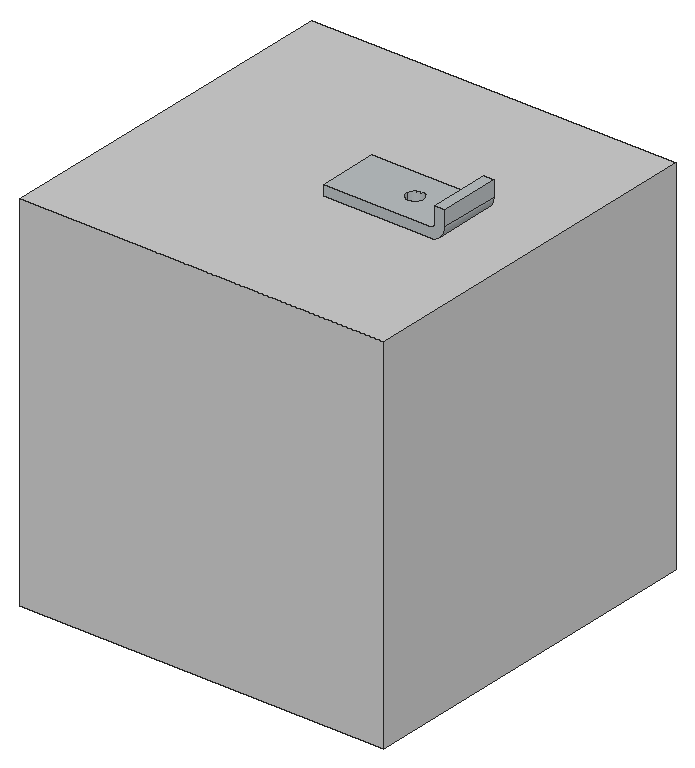
Revit family "REC-GE125X8", category Structural Connections, host Face, Revit 2024
Family settings
  Host = Face
  Material for Model Behavior = Steel
  Enable Cutting in Views = Yes
  Cut with Voids When Loaded = Yes
  Shared = No
Parameters (values of type "GE125X8")
  Visible = yes
  URL_Product_(Producto) = ""
  URL_DataSheet_(FichaTecnica) = ""
  URL_CE_Marking_(MarcadoCE) = ""
  Type IFC Predefined Type = "Brackets"
  Type Comments = ""
  URL = "https://recense.com/"
  Model = "GE125X8"
  Manufacturer = "RECENSE"
  Keynote_ESP = "Anclaje antivuelco para fijación de paneles a perfiles de estructura metálica."
  Keynote = "Anti-tip anchor for fastening panels to metal structure profiles."
  IFCExportType = Classification.Uniclass.Pr.Description  # "Carbon steel anchor plates"
  IFCExportAs = "IfcElementAssembly"
  Fecha de Creacion: = "01/03/2024"
  Fecha Ultima Revision: = "01/03/2024"
  Export Type to IFC As = "IfcElementAssembly"
  Description_ESP = "Grapa escuadra 100x25x50x8 mm TØ14 mm."
  Description = "Angle clamp 100x25x50x8 mm with hole Ø14 mm."
  Default Elevation = 0.0 mm
  Creado por: = "Deliprogal SL"
  Cost = 0
  Classification.Uniclass.Ss.Number = ""
  Classification.Uniclass.Ss.Description = ""
  Classification.Uniclass.Pr.Number = "Pr_20_29_03_10"
  Classification.Uniclass.Pr.Description = "Carbon steel anchor plates"
  Classification.Uniclass.EF.Number = ""
  Classification.Uniclass.EF.Description = ""
  Classification.Space.Number = ""
  Classification.Space.Description = ""
  Classification.Facility.Number = ""
  Classification.Facility.Description = ""
  Assembly Code = ""
Reference planes
  plane 1 "Center (Front/Back)": y = 0
  plane 2: z = 0
  plane 3 "Center (Left/Right)": x = 0
Forms (mm)
  Extrusion 1, solid, material "REC_Base"
    sketch origin (0, -719.2, 0) x (1, 0, 0) y (0, 1, 0)
      loop
        line (-150, 869.2) -> (-150, 569.2) -> (150, 569.2) -> (150, 869.2) -> (-150, 869.2)
    from 0 to -300
  Extrusion 2, solid, material "REC_Acero, S 275JR (Zincado)"
    sketch origin (0, 25, 0) x (1, 0, 0) y (0, 0, 1)
      loop
        line (0, 8) -> (0, 0) -> (88, 0)
        arc (88, 0) -> (96.485, 3.515) -> (100, 12) r 12
        line (100, 12) -> (100, 25) -> (92, 25) -> (92, 12)
        arc (92, 12) -> (90.828, 9.172) -> (88, 8) r 4
        line (88, 8) -> (0, 8)
    from 0 to 50
  Extrusion 3, void
    sketch origin (50, 25, 8) x (1, 0, 0) y (0, -1, 0)
      loop
        circle (5.5, 25) r 7
    from 0 to 8
Cuts and joins
  Extrusion 3 cuts Extrusion 2
Dimensions and locks
  aligned and locked: plane 2 to Extrusion 1
  aligned and locked: level to Extrusion 1
